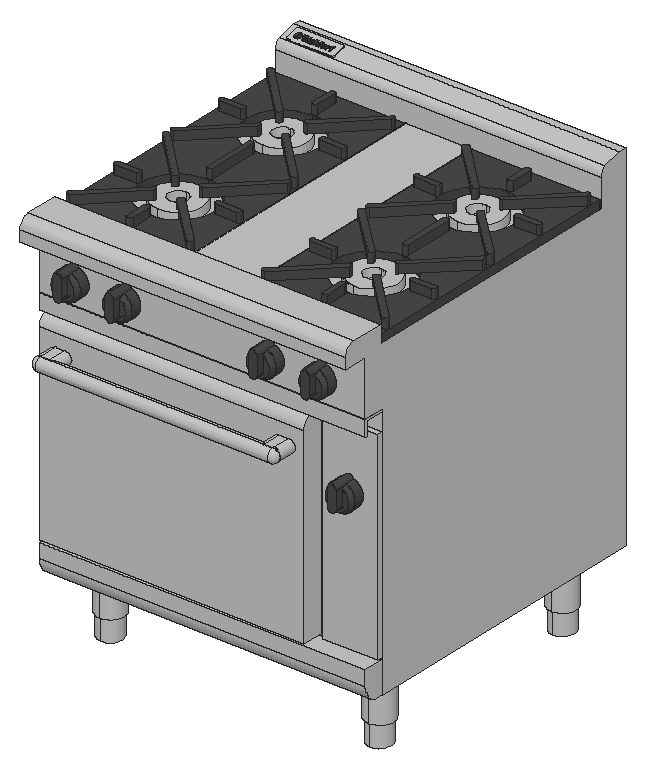
Revit family "QF_MOFFAT WALDORF_RNL8510GC", category Specialty Equipment, Revit 2012
Parameters
  Weight in Pounds = 399.0362
  Watts = 130 W
  Volts = 240 V
  URL Cutsheet = "www.moffat.com"
  URL = "www.moffat.com"
  Type Mark [instance] = ""
  Status [instance] = ""
  Specification by User [instance] = ""
  Specification by Manufacturer = ""
  Show Logo [instance] = yes
  Show Clearance [instance] = yes
  Show Casters [instance] = no
  Serial Number = ""
  Seismic Rating = ""
  SMACNA No = ""
  Revision Code [instance] = ""
  Phase = 1
  Omniclass Number and Title = ""
  Number of Poles [instance] = 1
  NAFEM Spec ID Number = ""
  Model = "RNL8510GC"
  Min Ckt Ampacity = 0 A
  Mechanical Remarks [instance] = ""
  Mechanical Connection Type [instance] = ""
  Max Overcurrent Protection = 0 A
  Masterspec = ""
  Manufacturer = "MOFFAT WALDORF"
  Legs [instance] = not(Show Casters)  # yes
  Item Number [instance] = ""
  Installed By [instance] = ""
  Identify Quantity as Lot [instance] = yes
  HP = ""
  Gas Size = 3/4"
  Gas RI Height [instance] = 0 mm
  Gas KW [instance] = 39.4
  Gas Input [instance] = 134590.0 Btu/h
  Gas Connection Height = 0 mm
  Furnished By [instance] = ""
  Foodservice Equipment Identifier [instance] = yes
  FL Amps = 0.6 A
  Electrical Remarks [instance] = ""
  Electric Connection Type [instance] = ""
  Elec Conn RI Height [instance] = 0 mm
  Elec Conn Connection Height [instance] = 0 mm
  Description = "RANGE LOW SPLASHBACK GAS WITH CONVECTION OVEN"
  Cycle = 50 Hz
  Conn Plug = ""
  Conn Conduit = yes
  CSI MasterFormat = ""
  CSI Master Format = ""
  Apparent Power = 0 VA
Reference planes
  plane 1 "BACK": y = 0
  plane 2: z = 0
  plane 3 "LEFT": x = 0
  plane 4 "RIGHT": x = 750
  plane 5 "FRONT": y = -805
  plane 6 "TOP": z = 970
  plane 7 "Center Y": x = 375
  plane 8 "Center X": y = -402.5
  plane 9: y = -100
  plane 10 "Base Height": z = 150
  plane 11: x = 65.8
  plane 12: x = 620
  plane 13: x = 685
  plane 14: x = 684.2
  plane 15: y = -500
  plane 16: x = 676
  plane 17: y = -625
  plane 18: z = 788
Forms (mm)
  Extrusion 1, solid, material "QF_Finishes_Stainless Steel"
    sketch origin (0, 0, 0) x (0, 1, 0) y (0, 0, 1)
      loop
        line (-805, 891) -> (-805, 866) -> (-749, 866) -> (-749, 740) -> (-699, 740) -> (-699, 150) -> (0, 150) -> (0, 970) -> (-16.5, 970) -> (-58.709, 958.69)
        arc (-58.709, 958.69) -> (-66.975, 950.425) -> (-70, 939.134) r 22.582
        line (-70, 939.134) -> (-70, 875) -> (-705, 875) -> (-705, 915) -> (-781, 915)
        arc (-781, 915) -> (-797.971, 907.971) -> (-805, 891) r 24
      loop
        line (-701, 222.5) -> (-749, 222.5) -> (-749, 188)
        arc (-749, 188) -> (-737.87, 161.13) -> (-711, 150) r 38
        line (-711, 150) -> (-701, 150) -> (-701, 222.5)
      loop
        line (-701, 227.5) -> (-701, 692.5) -> (-722.805, 692.5)
        arc (-722.805, 692.5) -> (-741.328, 684.828) -> (-749, 666.305) r 26.195
        line (-749, 666.305) -> (-749, 227.5) -> (-701, 227.5)
      loop
        line (-749, 738) -> (-749, 703) -> (-745.98, 703) -> (-745.98, 735) -> (-701, 735) -> (-701, 738) -> (-749, 738)
    from 0 to 750
  Extrusion 2, solid, material "QF_Finishes_Stainless Steel"
    sketch origin (555.062, 3, 100) x (1, 0, 0) y (0, 1, 0)
      loop
        circle (65, -35) r 13.5
    from 555 to 640
  Revolve 3, solid, material "QF_Finishes_Stainless Steel", visible <- "Legs"
    sketch origin (65, -165, 0) x (0, 1, 0) y (0, 0, 1)
      loop
        line (33.25, 150) -> (33.25, 50) -> (37.5, 50) -> (37.5, 0) -> (65, 0) -> (65, 150) -> (33.25, 150)
      axis (65, 150) -> (65, 0)
    angle from 0 to 360
  Extrusion 4, solid, material "QF_Finishes_Black"
    sketch origin (0, -70, 875) x (0, -1, 0) y (1, 0, 0)
      loop
        arc (1, 4) -> (1.879, 1.879) -> (4, 1) r 3
        line (4, 1) -> (631, 1)
        arc (631, 1) -> (633.121, 1.879) -> (634, 4) r 3
        line (634, 4) -> (634, 297)
        arc (634, 297) -> (633.121, 299.121) -> (631, 300) r 3
        line (631, 300) -> (4, 300)
        arc (4, 300) -> (1.879, 299.121) -> (1, 297) r 3
        line (1, 297) -> (1, 4)
      loop
        circle (167.5, 150) r 85
      loop
        circle (467.768, 150) r 85
    from 0 to 19.5
  Revolve 5, solid, material "QF_Finishes_Stainless Steel", visible <- "Legs"
    sketch origin (685, -165, 0) x (0, 1, 0) y (0, 0, -1)
      loop
        line (33.25, -150) -> (65, -150) -> (65, 0) -> (37.5, 0) -> (37.5, -50) -> (33.25, -50) -> (33.25, -150)
      axis (65, -150) -> (65, 0)
    angle from 0 to 360
  Extrusion 6, solid, material "QF_Finishes_Stainless Steel"
    sketch origin (0, -70, 875) x (0, -1, 0) y (1, 0, 0)
      loop
        line (634, 300) -> (634, 450) -> (0, 450) -> (0, 300) -> (634, 300)
    from 0 to 19.5
  Extrusion 7, void
    sketch origin (0, -749, 227.5) x (0, 0, -1) y (-1, 0, 0)
      loop
        line (-465, -609) -> (-465, -624) -> (0, -624) -> (0, -609) -> (-465, -609)
    from 0 to 50
  Extrusion 8, solid, material "QF_Finishes_Black"
    sketch origin (750, -70, 875) x (0, -1, 0) y (1, 0, 0)
      loop
        line (1, -4) -> (1, -297)
        arc (1, -297) -> (1.879, -299.121) -> (4, -300) r 3
        line (4, -300) -> (631, -300)
        arc (631, -300) -> (633.121, -299.121) -> (634, -297) r 3
        line (634, -297) -> (634, -4)
        arc (634, -4) -> (633.121, -1.879) -> (631, -1) r 3
        line (631, -1) -> (4, -1)
        arc (4, -1) -> (1.879, -1.879) -> (1, -4) r 3
      loop
        circle (167.5, -150) r 85
      loop
        circle (467.768, -150) r 85
    from 0 to 19.5
  Extrusion 9, solid, material "QF_Finishes_Stainless Steel"
    sketch origin (0, -711, 150) x (1, 0, 0) y (0, -1, 0)
      loop
        circle (676, -211) r 10
    from 0 to 3
  Revolve 10, solid, material "QF_Finishes_Stainless Steel"
    sketch origin (65, -736, 0) x (0, 1, 0) y (0, 0, 1)
      loop
        line (78.25, 150) -> (78.25, 50) -> (82.5, 50) -> (82.5, 0) -> (110, 0) -> (110, 150) -> (78.25, 150)
      axis (110, 150) -> (110, 0)
    angle from 0 to 360
  Revolve 11, solid, material "QF_Finishes_Stainless Steel"
    sketch origin (685, -736, 0) x (0, 1, 0) y (0, 0, -1)
      loop
        line (78.25, -150) -> (110, -150) -> (110, 0) -> (82.5, 0) -> (82.5, -50) -> (78.25, -50) -> (78.25, -150)
      axis (110, -150) -> (110, 0)
    angle from 0 to 360
  Revolve 12, solid, material "QF_Finishes_Black"
    sketch origin (207.5, 0, 759.645) x (0, -1, 0) y (0, 0, 1)
      loop
        line (782, 69.605) -> (759, 69.605) -> (759, 42.105) -> (749, 42.105) -> (749, 37.105) -> (793, 37.105) -> (793, 63.757) -> (782, 69.605)
      axis (793, 37.105) -> (749, 37.105)
    angle from 0 to 360
  Revolve 13, solid, material "QF_Finishes_Black"
    sketch origin (88.749, 0, 759.518) x (0, 1, 0) y (0, 0, -1)
      loop
        line (-782, -69.5) -> (-759, -69.5) -> (-759, -42) -> (-749, -42) -> (-749, -37) -> (-793, -37) -> (-793, -63.651) -> (-782, -69.5)
      axis (-793, -37) -> (-749, -37)
    angle from 0 to 360
  Extrusion 14, solid, material "QF_Finishes_Black"
    sketch origin (227.019, 0, 759.676) x (-1, 0, 0) y (0, 0, -1)
      loop
        arc (148.269, -24.969) -> (138.269, -14.969) -> (128.269, -24.969) r 10
        line (128.269, -24.969) -> (128.269, -63.969)
        arc (128.269, -63.969) -> (138.269, -73.969) -> (148.269, -63.969) r 10
        line (148.269, -63.969) -> (148.269, -24.969)
    from 759 to 808
  Extrusion 15, solid, material "QF_Finishes_Black"
    sketch origin (346.95, 0, 759.676) x (-1, 0, 0) y (0, 0, -1)
      loop
        arc (148.269, -24.969) -> (138.269, -14.969) -> (128.269, -24.969) r 10
        line (128.269, -24.969) -> (128.269, -63.969)
        arc (128.269, -63.969) -> (138.269, -73.969) -> (148.269, -63.969) r 10
        line (148.269, -63.969) -> (148.269, -24.969)
    from 759 to 808
  Revolve 16, solid, material "QF_Finishes_Black"
    sketch origin (538.75, 0, 759.645) x (0, -1, 0) y (0, 0, -1)
      loop
        line (782, -69.605) -> (793, -63.757) -> (793, -37.105) -> (749, -37.105) -> (749, -42.105) -> (759, -42.105) -> (759, -69.605) -> (782, -69.605)
      axis (793, -37.105) -> (749, -37.105)
    angle from 0 to 360
  Revolve 17, solid, material "QF_Finishes_Black"
    sketch origin (658.751, 0, 759.518) x (0, 1, 0) y (0, 0, 1)
      loop
        line (-782, 69.5) -> (-793, 63.651) -> (-793, 37) -> (-749, 37) -> (-749, 42) -> (-759, 42) -> (-759, 69.5) -> (-782, 69.5)
      axis (-793, 37) -> (-749, 37)
    angle from 0 to 360
  Extrusion 18, solid, material "QF_Finishes_Black"
    sketch origin (520.481, 0, 759.676) x (1, 0, 0) y (0, 0, 1)
      loop
        line (148.269, 24.969) -> (148.269, 63.969)
        arc (148.269, 63.969) -> (138.269, 73.969) -> (128.269, 63.969) r 10
        line (128.269, 63.969) -> (128.269, 24.969)
        arc (128.269, 24.969) -> (138.269, 14.969) -> (148.269, 24.969) r 10
    from 759 to 808
  Extrusion 19, solid, material "QF_Finishes_Black"
    sketch origin (400.481, 0, 759.676) x (1, 0, 0) y (0, 0, 1)
      loop
        line (148.269, 24.969) -> (148.269, 63.969)
        arc (148.269, 63.969) -> (138.269, 73.969) -> (128.269, 63.969) r 10
        line (128.269, 63.969) -> (128.269, 24.969)
        arc (128.269, 24.969) -> (138.269, 14.969) -> (148.269, 24.969) r 10
    from 759 to 808
  Revolve 20, solid, material "QF_Finishes_Black"
    sketch origin (686.727, 42.5, 356.562) x (0, 1, 0) y (0, 0, 1)
      loop
        line (-782, 229.5) -> (-793, 223.651) -> (-793, 197) -> (-749, 197) -> (-749, 202) -> (-759, 202) -> (-759, 229.5) -> (-782, 229.5)
      axis (-793, 197) -> (-749, 197)
    angle from 0 to 360
  Extrusion 21, solid, material "QF_Finishes_Black"
    sketch origin (548.458, 42.5, 356.72) x (1, 0, 0) y (0, 0, 1)
      loop
        line (148.269, 184.969) -> (148.269, 223.969)
        arc (148.269, 223.969) -> (138.269, 233.969) -> (128.269, 223.969) r 10
        line (128.269, 223.969) -> (128.269, 184.969)
        arc (128.269, 184.969) -> (138.269, 174.969) -> (148.269, 184.969) r 10
    from 759 to 808
  Extrusion 22, solid, material "QF_Door-Drawer Clearances", visible <- "Show Clearance", detail levels coarse
    sketch origin (0, 0, 0) x (0, -1, 0) y (0, 0, 1)
      loop
        line (749, 690.016) -> (749, 227.5) -> (1211.516, 227.5)
        arc (1211.516, 227.5) -> (1076.048, 554.548) -> (749, 690.016) r 462.516
    from 0 to -609
  Extrusion 23, solid, material "QF_Finishes_Black"
    sketch origin (0, -70, 0) x (0, -1, 0) y (1, 0, 0)
      loop
        spline (323.602, 15.153) -> (322.681, 13.924) -> (322.131, 12.47) -> (321.99, 10.89) -> (322.267, 9.292) -> (322.943, 7.786) -> (323.973, 6.473) -> (325.286, 5.443) -> (326.792, 4.767) -> (328.39, 4.49) -> (329.97, 4.631) -> (331.424, 5.181) -> (332.653, 6.102)
        line (332.653, 6.102) -> (440.576, 114.025)
        spline (440.576, 114.025) -> (441.337, 115.095) -> (441.738, 116.399) -> (441.751, 117.851) -> (441.375, 119.35) -> (440.637, 120.795) -> (439.586, 122.086) -> (438.295, 123.137) -> (436.85, 123.875) -> (435.351, 124.251) -> (433.899, 124.238) -> (432.595, 123.837) -> (431.525, 123.076)
        line (431.525, 123.076) -> (323.602, 15.153)
      loop
        line (611.398, 15.153) -> (503.475, 123.076)
        spline (503.475, 123.076) -> (502.405, 123.837) -> (501.101, 124.238) -> (499.649, 124.251) -> (498.15, 123.875) -> (496.705, 123.137) -> (495.414, 122.086) -> (494.363, 120.795) -> (493.625, 119.35) -> (493.249, 117.851) -> (493.262, 116.399) -> (493.663, 115.095) -> (494.424, 114.025)
        line (494.424, 114.025) -> (602.347, 6.102)
        spline (602.347, 6.102) -> (603.416, 5.341) -> (604.721, 4.941) -> (606.172, 4.928) -> (607.671, 5.303) -> (609.116, 6.041) -> (610.408, 7.092) -> (611.459, 8.384) -> (612.197, 9.829) -> (612.572, 11.328) -> (612.559, 12.779) -> (612.159, 14.084) -> (611.398, 15.153)
      loop
        spline (375.602, 143.6) -> (376.896, 143.818) -> (378.102, 144.457) -> (379.138, 145.475) -> (379.932, 146.8) -> (380.432, 148.344) -> (380.602, 150) -> (380.432, 151.656) -> (379.932, 153.2) -> (379.138, 154.525) -> (378.102, 155.543) -> (376.896, 156.182) -> (375.602, 156.4)
        line (375.602, 156.4) -> (259.398, 156.4)
        spline (259.398, 156.4) -> (258.104, 156.182) -> (256.898, 155.543) -> (255.862, 154.525) -> (255.068, 153.2) -> (254.568, 151.656) -> (254.398, 150) -> (254.568, 148.344) -> (255.068, 146.8) -> (255.862, 145.475) -> (256.898, 144.457) -> (258.104, 143.818) -> (259.398, 143.6)
        line (259.398, 143.6) -> (375.602, 143.6)
      loop
        spline (23.602, 15.153) -> (22.681, 13.924) -> (22.131, 12.47) -> (21.99, 10.89) -> (22.267, 9.292) -> (22.943, 7.786) -> (23.973, 6.473) -> (25.286, 5.443) -> (26.792, 4.767) -> (28.39, 4.49) -> (29.97, 4.631) -> (31.424, 5.181) -> (32.653, 6.102)
        line (32.653, 6.102) -> (140.576, 114.025)
        spline (140.576, 114.025) -> (141.337, 115.095) -> (141.738, 116.399) -> (141.751, 117.851) -> (141.375, 119.35) -> (140.637, 120.795) -> (139.586, 122.086) -> (138.295, 123.137) -> (136.85, 123.875) -> (135.351, 124.251) -> (133.899, 124.238) -> (132.595, 123.837) -> (131.525, 123.076)
        line (131.525, 123.076) -> (23.602, 15.153)
      loop
        line (311.398, 15.153) -> (203.475, 123.076)
        spline (203.475, 123.076) -> (202.405, 123.837) -> (201.101, 124.238) -> (199.649, 124.251) -> (198.15, 123.875) -> (196.705, 123.137) -> (195.414, 122.086) -> (194.363, 120.795) -> (193.625, 119.35) -> (193.249, 117.851) -> (193.262, 116.399) -> (193.663, 115.095) -> (194.424, 114.025)
        line (194.424, 114.025) -> (302.347, 6.102)
        spline (302.347, 6.102) -> (303.416, 5.341) -> (304.721, 4.941) -> (306.172, 4.928) -> (307.671, 5.303) -> (309.116, 6.041) -> (310.408, 7.092) -> (311.459, 8.384) -> (312.197, 9.829) -> (312.572, 11.328) -> (312.559, 12.779) -> (312.159, 14.084) -> (311.398, 15.153)
      loop
        line (323.602, 284.847) -> (431.525, 176.924)
        spline (431.525, 176.924) -> (432.595, 176.163) -> (433.899, 175.762) -> (435.351, 175.749) -> (436.85, 176.125) -> (438.295, 176.863) -> (439.586, 177.914) -> (440.637, 179.205) -> (441.375, 180.65) -> (441.751, 182.149) -> (441.738, 183.601) -> (441.337, 184.905) -> (440.576, 185.975)
        line (440.576, 185.975) -> (332.653, 293.898)
        spline (332.653, 293.898) -> (331.424, 294.819) -> (329.97, 295.369) -> (328.39, 295.51) -> (326.792, 295.233) -> (325.286, 294.557) -> (323.973, 293.527) -> (322.943, 292.214) -> (322.267, 290.708) -> (321.99, 289.11) -> (322.131, 287.53) -> (322.681, 286.076) -> (323.602, 284.847)
      loop
        spline (611.398, 284.847) -> (612.159, 285.916) -> (612.559, 287.221) -> (612.572, 288.672) -> (612.197, 290.171) -> (611.459, 291.616) -> (610.408, 292.908) -> (609.116, 293.959) -> (607.671, 294.697) -> (606.172, 295.072) -> (604.721, 295.059) -> (603.416, 294.659) -> (602.347, 293.898)
        line (602.347, 293.898) -> (494.424, 185.975)
        spline (494.424, 185.975) -> (493.663, 184.905) -> (493.262, 183.601) -> (493.249, 182.149) -> (493.625, 180.65) -> (494.363, 179.205) -> (495.414, 177.914) -> (496.705, 176.863) -> (498.15, 176.125) -> (499.649, 175.749) -> (501.101, 175.762) -> (502.405, 176.163) -> (503.475, 176.924)
        line (503.475, 176.924) -> (611.398, 284.847)
      loop
        line (23.602, 284.847) -> (131.525, 176.924)
        spline (131.525, 176.924) -> (132.595, 176.163) -> (133.899, 175.762) -> (135.351, 175.749) -> (136.85, 176.125) -> (138.295, 176.863) -> (139.586, 177.914) -> (140.637, 179.205) -> (141.375, 180.65) -> (141.751, 182.149) -> (141.738, 183.601) -> (141.337, 184.905) -> (140.576, 185.975)
        line (140.576, 185.975) -> (32.653, 293.898)
        spline (32.653, 293.898) -> (31.424, 294.819) -> (29.97, 295.369) -> (28.39, 295.51) -> (26.792, 295.233) -> (25.286, 294.557) -> (23.973, 293.527) -> (22.943, 292.214) -> (22.267, 290.708) -> (21.99, 289.11) -> (22.131, 287.53) -> (22.681, 286.076) -> (23.602, 284.847)
      loop
        spline (311.398, 284.847) -> (312.159, 285.916) -> (312.559, 287.221) -> (312.572, 288.672) -> (312.197, 290.171) -> (311.459, 291.616) -> (310.408, 292.908) -> (309.116, 293.959) -> (307.671, 294.697) -> (306.172, 295.072) -> (304.721, 295.059) -> (303.416, 294.659) -> (302.347, 293.898)
        line (302.347, 293.898) -> (194.424, 185.975)
        spline (194.424, 185.975) -> (193.663, 184.905) -> (193.262, 183.601) -> (193.249, 182.149) -> (193.625, 180.65) -> (194.363, 179.205) -> (195.414, 177.914) -> (196.705, 176.863) -> (198.15, 176.125) -> (199.649, 175.749) -> (201.101, 175.762) -> (202.405, 176.163) -> (203.475, 176.924)
        line (203.475, 176.924) -> (311.398, 284.847)
      loop
        spline (73.711, 143.6) -> (75.005, 143.818) -> (76.211, 144.457) -> (77.247, 145.475) -> (78.041, 146.8) -> (78.541, 148.344) -> (78.711, 150) -> (78.541, 151.656) -> (78.041, 153.2) -> (77.247, 154.525) -> (76.211, 155.543) -> (75.005, 156.182) -> (73.711, 156.4)
        line (73.711, 156.4) -> (24.33, 156.4)
        spline (24.33, 156.4) -> (23.036, 156.182) -> (21.83, 155.543) -> (20.795, 154.525) -> (20, 153.2) -> (19.501, 151.656) -> (19.33, 150) -> (19.501, 148.344) -> (20, 146.8) -> (20.795, 145.475) -> (21.83, 144.457) -> (23.036, 143.818) -> (24.33, 143.6)
        line (24.33, 143.6) -> (73.711, 143.6)
      loop
        spline (607.262, 143.6) -> (608.556, 143.818) -> (609.762, 144.457) -> (610.798, 145.475) -> (611.592, 146.8) -> (612.092, 148.344) -> (612.262, 150) -> (612.092, 151.656) -> (611.592, 153.2) -> (610.798, 154.525) -> (609.762, 155.543) -> (608.556, 156.182) -> (607.262, 156.4)
        line (607.262, 156.4) -> (557.881, 156.4)
        spline (557.881, 156.4) -> (556.587, 156.182) -> (555.381, 155.543) -> (554.345, 154.525) -> (553.551, 153.2) -> (553.051, 151.656) -> (552.881, 150) -> (553.051, 148.344) -> (553.551, 146.8) -> (554.345, 145.475) -> (555.381, 144.457) -> (556.587, 143.818) -> (557.881, 143.6)
        line (557.881, 143.6) -> (607.262, 143.6)
      loop
        spline (474.034, 59.26) -> (473.816, 60.554) -> (473.177, 61.76) -> (472.159, 62.796) -> (470.834, 63.59) -> (469.29, 64.09) -> (467.634, 64.26) -> (465.978, 64.09) -> (464.434, 63.59) -> (463.108, 62.796) -> (462.091, 61.76) -> (461.452, 60.554) -> (461.234, 59.26)
        line (461.234, 59.26) -> (461.234, 9.879)
        spline (461.234, 9.879) -> (461.452, 8.585) -> (462.091, 7.379) -> (463.108, 6.343) -> (464.434, 5.549) -> (465.978, 5.049) -> (467.634, 4.879) -> (469.29, 5.049) -> (470.834, 5.549) -> (472.159, 6.343) -> (473.177, 7.379) -> (473.816, 8.585) -> (474.034, 9.879)
        line (474.034, 9.879) -> (474.034, 59.26)
      loop
        spline (173.766, 59.26) -> (173.548, 60.554) -> (172.909, 61.76) -> (171.892, 62.796) -> (170.566, 63.59) -> (169.022, 64.09) -> (167.366, 64.26) -> (165.71, 64.09) -> (164.166, 63.59) -> (162.841, 62.796) -> (161.823, 61.76) -> (161.184, 60.554) -> (160.966, 59.26)
        line (160.966, 59.26) -> (160.966, 9.879)
        spline (160.966, 9.879) -> (161.184, 8.585) -> (161.823, 7.379) -> (162.841, 6.343) -> (164.166, 5.549) -> (165.71, 5.049) -> (167.366, 4.879) -> (169.022, 5.049) -> (170.566, 5.549) -> (171.892, 6.343) -> (172.909, 7.379) -> (173.548, 8.585) -> (173.766, 9.879)
        line (173.766, 9.879) -> (173.766, 59.26)
      loop
        spline (474.034, 290.74) -> (473.816, 292.034) -> (473.177, 293.24) -> (472.159, 294.276) -> (470.834, 295.07) -> (469.29, 295.57) -> (467.634, 295.74) -> (465.978, 295.57) -> (464.434, 295.07) -> (463.108, 294.276) -> (462.091, 293.24) -> (461.452, 292.034) -> (461.234, 290.74)
        line (461.234, 290.74) -> (461.234, 241.359)
        spline (461.234, 241.359) -> (461.452, 240.065) -> (462.091, 238.859) -> (463.108, 237.823) -> (464.434, 237.029) -> (465.978, 236.529) -> (467.634, 236.359) -> (469.29, 236.529) -> (470.834, 237.029) -> (472.159, 237.823) -> (473.177, 238.859) -> (473.816, 240.065) -> (474.034, 241.359)
        line (474.034, 241.359) -> (474.034, 290.74)
      loop
        spline (173.766, 290.74) -> (173.548, 292.034) -> (172.909, 293.24) -> (171.892, 294.276) -> (170.566, 295.07) -> (169.022, 295.57) -> (167.366, 295.74) -> (165.71, 295.57) -> (164.166, 295.07) -> (162.841, 294.276) -> (161.823, 293.24) -> (161.184, 292.034) -> (160.966, 290.74)
        line (160.966, 290.74) -> (160.966, 241.359)
        spline (160.966, 241.359) -> (161.184, 240.065) -> (161.823, 238.859) -> (162.841, 237.823) -> (164.166, 237.029) -> (165.71, 236.529) -> (167.366, 236.359) -> (169.022, 236.529) -> (170.566, 237.029) -> (171.892, 237.823) -> (172.909, 238.859) -> (173.548, 240.065) -> (173.766, 241.359)
        line (173.766, 241.359) -> (173.766, 290.74)
      loop
        line (323.602, 734.847) -> (431.525, 626.924)
        spline (431.525, 626.924) -> (432.595, 626.163) -> (433.899, 625.762) -> (435.351, 625.749) -> (436.85, 626.125) -> (438.295, 626.863) -> (439.586, 627.914) -> (440.637, 629.205) -> (441.375, 630.65) -> (441.751, 632.149) -> (441.738, 633.601) -> (441.337, 634.905) -> (440.576, 635.975)
        line (440.576, 635.975) -> (332.653, 743.898)
        spline (332.653, 743.898) -> (331.424, 744.819) -> (329.97, 745.369) -> (328.39, 745.51) -> (326.792, 745.233) -> (325.286, 744.557) -> (323.973, 743.527) -> (322.943, 742.214) -> (322.267, 740.708) -> (321.99, 739.11) -> (322.131, 737.53) -> (322.681, 736.076) -> (323.602, 734.847)
      loop
        spline (611.398, 734.847) -> (612.159, 735.916) -> (612.559, 737.221) -> (612.572, 738.672) -> (612.197, 740.171) -> (611.459, 741.616) -> (610.408, 742.908) -> (609.116, 743.959) -> (607.671, 744.697) -> (606.172, 745.072) -> (604.721, 745.059) -> (603.416, 744.659) -> (602.347, 743.898)
        line (602.347, 743.898) -> (494.424, 635.975)
        spline (494.424, 635.975) -> (493.663, 634.905) -> (493.262, 633.601) -> (493.249, 632.149) -> (493.625, 630.65) -> (494.363, 629.205) -> (495.414, 627.914) -> (496.705, 626.863) -> (498.15, 626.125) -> (499.649, 625.749) -> (501.101, 625.762) -> (502.405, 626.163) -> (503.475, 626.924)
        line (503.475, 626.924) -> (611.398, 734.847)
      loop
        line (375.602, 606.4) -> (259.398, 606.4)
        spline (259.398, 606.4) -> (258.104, 606.182) -> (256.898, 605.543) -> (255.862, 604.525) -> (255.068, 603.2) -> (254.568, 601.656) -> (254.398, 600) -> (254.568, 598.344) -> (255.068, 596.8) -> (255.862, 595.475) -> (256.898, 594.457) -> (258.104, 593.818) -> (259.398, 593.6)
        line (259.398, 593.6) -> (375.602, 593.6)
        spline (375.602, 593.6) -> (376.896, 593.818) -> (378.102, 594.457) -> (379.138, 595.475) -> (379.932, 596.8) -> (380.432, 598.344) -> (380.602, 600) -> (380.432, 601.656) -> (379.932, 603.2) -> (379.138, 604.525) -> (378.102, 605.543) -> (376.896, 606.182) -> (375.602, 606.4)
      loop
        line (23.602, 734.847) -> (131.525, 626.924)
        spline (131.525, 626.924) -> (132.595, 626.163) -> (133.899, 625.762) -> (135.351, 625.749) -> (136.85, 626.125) -> (138.295, 626.863) -> (139.586, 627.914) -> (140.637, 629.205) -> (141.375, 630.65) -> (141.751, 632.149) -> (141.738, 633.601) -> (141.337, 634.905) -> (140.576, 635.975)
        line (140.576, 635.975) -> (32.653, 743.898)
        spline (32.653, 743.898) -> (31.424, 744.819) -> (29.97, 745.369) -> (28.39, 745.51) -> (26.792, 745.233) -> (25.286, 744.557) -> (23.973, 743.527) -> (22.943, 742.214) -> (22.267, 740.708) -> (21.99, 739.11) -> (22.131, 737.53) -> (22.681, 736.076) -> (23.602, 734.847)
      loop
        spline (311.398, 734.847) -> (312.159, 735.916) -> (312.559, 737.221) -> (312.572, 738.672) -> (312.197, 740.171) -> (311.459, 741.616) -> (310.408, 742.908) -> (309.116, 743.959) -> (307.671, 744.697) -> (306.172, 745.072) -> (304.721, 745.059) -> (303.416, 744.659) -> (302.347, 743.898)
        line (302.347, 743.898) -> (194.424, 635.975)
        spline (194.424, 635.975) -> (193.663, 634.905) -> (193.262, 633.601) -> (193.249, 632.149) -> (193.625, 630.65) -> (194.363, 629.205) -> (195.414, 627.914) -> (196.705, 626.863) -> (198.15, 626.125) -> (199.649, 625.749) -> (201.101, 625.762) -> (202.405, 626.163) -> (203.475, 626.924)
        line (203.475, 626.924) -> (311.398, 734.847)
      loop
        spline (323.602, 465.153) -> (322.681, 463.924) -> (322.131, 462.47) -> (321.99, 460.89) -> (322.267, 459.292) -> (322.943, 457.786) -> (323.973, 456.473) -> (325.286, 455.443) -> (326.792, 454.767) -> (328.39, 454.49) -> (329.97, 454.631) -> (331.424, 455.181) -> (332.653, 456.102)
        line (332.653, 456.102) -> (440.576, 564.025)
        spline (440.576, 564.025) -> (441.337, 565.095) -> (441.738, 566.399) -> (441.751, 567.851) -> (441.375, 569.35) -> (440.637, 570.795) -> (439.586, 572.086) -> (438.295, 573.137) -> (436.85, 573.875) -> (435.351, 574.251) -> (433.899, 574.238) -> (432.595, 573.837) -> (431.525, 573.076)
        line (431.525, 573.076) -> (323.602, 465.153)
      loop
        line (611.398, 465.153) -> (503.475, 573.076)
        spline (503.475, 573.076) -> (502.405, 573.837) -> (501.101, 574.238) -> (499.649, 574.251) -> (498.15, 573.875) -> (496.705, 573.137) -> (495.414, 572.086) -> (494.363, 570.795) -> (493.625, 569.35) -> (493.249, 567.851) -> (493.262, 566.399) -> (493.663, 565.095) -> (494.424, 564.025)
        line (494.424, 564.025) -> (602.347, 456.102)
        spline (602.347, 456.102) -> (603.416, 455.341) -> (604.721, 454.941) -> (606.172, 454.928) -> (607.671, 455.303) -> (609.116, 456.041) -> (610.408, 457.092) -> (611.459, 458.384) -> (612.197, 459.829) -> (612.572, 461.328) -> (612.559, 462.779) -> (612.159, 464.084) -> (611.398, 465.153)
      loop
        spline (23.602, 465.153) -> (22.681, 463.924) -> (22.131, 462.47) -> (21.99, 460.89) -> (22.267, 459.292) -> (22.943, 457.786) -> (23.973, 456.473) -> (25.286, 455.443) -> (26.792, 454.767) -> (28.39, 454.49) -> (29.97, 454.631) -> (31.424, 455.181) -> (32.653, 456.102)
        line (32.653, 456.102) -> (140.576, 564.025)
        spline (140.576, 564.025) -> (141.337, 565.095) -> (141.738, 566.399) -> (141.751, 567.851) -> (141.375, 569.35) -> (140.637, 570.795) -> (139.586, 572.086) -> (138.295, 573.137) -> (136.85, 573.875) -> (135.351, 574.251) -> (133.899, 574.238) -> (132.595, 573.837) -> (131.525, 573.076)
        line (131.525, 573.076) -> (23.602, 465.153)
      loop
        line (311.398, 465.153) -> (203.475, 573.076)
        spline (203.475, 573.076) -> (202.405, 573.837) -> (201.101, 574.238) -> (199.649, 574.251) -> (198.15, 573.875) -> (196.705, 573.137) -> (195.414, 572.086) -> (194.363, 570.795) -> (193.625, 569.35) -> (193.249, 567.851) -> (193.262, 566.399) -> (193.663, 565.095) -> (194.424, 564.025)
        line (194.424, 564.025) -> (302.347, 456.102)
        spline (302.347, 456.102) -> (303.416, 455.341) -> (304.721, 454.941) -> (306.172, 454.928) -> (307.671, 455.303) -> (309.116, 456.041) -> (310.408, 457.092) -> (311.459, 458.384) -> (312.197, 459.829) -> (312.572, 461.328) -> (312.559, 462.779) -> (312.159, 464.084) -> (311.398, 465.153)
      loop
        line (73.711, 606.4) -> (24.33, 606.4)
        spline (24.33, 606.4) -> (23.036, 606.182) -> (21.83, 605.543) -> (20.795, 604.525) -> (20, 603.2) -> (19.501, 601.656) -> (19.33, 600) -> (19.501, 598.344) -> (20, 596.8) -> (20.795, 595.475) -> (21.83, 594.457) -> (23.036, 593.818) -> (24.33, 593.6)
        line (24.33, 593.6) -> (73.711, 593.6)
        spline (73.711, 593.6) -> (75.005, 593.818) -> (76.211, 594.457) -> (77.247, 595.475) -> (78.041, 596.8) -> (78.541, 598.344) -> (78.711, 600) -> (78.541, 601.656) -> (78.041, 603.2) -> (77.247, 604.525) -> (76.211, 605.543) -> (75.005, 606.182) -> (73.711, 606.4)
      loop
        line (607.262, 606.4) -> (557.881, 606.4)
        spline (557.881, 606.4) -> (556.587, 606.182) -> (555.381, 605.543) -> (554.345, 604.525) -> (553.551, 603.2) -> (553.051, 601.656) -> (552.881, 600) -> (553.051, 598.344) -> (553.551, 596.8) -> (554.345, 595.475) -> (555.381, 594.457) -> (556.587, 593.818) -> (557.881, 593.6)
        line (557.881, 593.6) -> (607.262, 593.6)
        spline (607.262, 593.6) -> (608.556, 593.818) -> (609.762, 594.457) -> (610.798, 595.475) -> (611.592, 596.8) -> (612.092, 598.344) -> (612.262, 600) -> (612.092, 601.656) -> (611.592, 603.2) -> (610.798, 604.525) -> (609.762, 605.543) -> (608.556, 606.182) -> (607.262, 606.4)
      loop
        line (474.034, 690.74) -> (474.034, 740.121)
        spline (474.034, 740.121) -> (473.816, 741.415) -> (473.177, 742.621) -> (472.159, 743.657) -> (470.834, 744.451) -> (469.29, 744.951) -> (467.634, 745.121) -> (465.978, 744.951) -> (464.434, 744.451) -> (463.108, 743.657) -> (462.091, 742.621) -> (461.452, 741.415) -> (461.234, 740.121)
        line (461.234, 740.121) -> (461.234, 690.74)
        spline (461.234, 690.74) -> (461.452, 689.446) -> (462.091, 688.24) -> (463.108, 687.204) -> (464.434, 686.41) -> (465.978, 685.91) -> (467.634, 685.74) -> (469.29, 685.91) -> (470.834, 686.41) -> (472.159, 687.204) -> (473.177, 688.24) -> (473.816, 689.446) -> (474.034, 690.74)
      loop
        line (173.766, 690.74) -> (173.766, 740.121)
        spline (173.766, 740.121) -> (173.548, 741.415) -> (172.909, 742.621) -> (171.892, 743.657) -> (170.566, 744.451) -> (169.022, 744.951) -> (167.366, 745.121) -> (165.71, 744.951) -> (164.166, 744.451) -> (162.841, 743.657) -> (161.823, 742.621) -> (161.184, 741.415) -> (160.966, 740.121)
        line (160.966, 740.121) -> (160.966, 690.74)
        spline (160.966, 690.74) -> (161.184, 689.446) -> (161.823, 688.24) -> (162.841, 687.204) -> (164.166, 686.41) -> (165.71, 685.91) -> (167.366, 685.74) -> (169.022, 685.91) -> (170.566, 686.41) -> (171.892, 687.204) -> (172.909, 688.24) -> (173.548, 689.446) -> (173.766, 690.74)
      loop
        line (474.034, 459.26) -> (474.034, 508.641)
        spline (474.034, 508.641) -> (473.816, 509.935) -> (473.177, 511.141) -> (472.159, 512.177) -> (470.834, 512.971) -> (469.29, 513.471) -> (467.634, 513.641) -> (465.978, 513.471) -> (464.434, 512.971) -> (463.108, 512.177) -> (462.091, 511.141) -> (461.452, 509.935) -> (461.234, 508.641)
        line (461.234, 508.641) -> (461.234, 459.26)
        spline (461.234, 459.26) -> (461.452, 457.966) -> (462.091, 456.76) -> (463.108, 455.724) -> (464.434, 454.93) -> (465.978, 454.43) -> (467.634, 454.26) -> (469.29, 454.43) -> (470.834, 454.93) -> (472.159, 455.724) -> (473.177, 456.76) -> (473.816, 457.966) -> (474.034, 459.26)
      loop
        line (173.766, 459.26) -> (173.766, 508.641)
        spline (173.766, 508.641) -> (173.548, 509.935) -> (172.909, 511.141) -> (171.892, 512.177) -> (170.566, 512.971) -> (169.022, 513.471) -> (167.366, 513.641) -> (165.71, 513.471) -> (164.166, 512.971) -> (162.841, 512.177) -> (161.823, 511.141) -> (161.184, 509.935) -> (160.966, 508.641)
        line (160.966, 508.641) -> (160.966, 459.26)
        spline (160.966, 459.26) -> (161.184, 457.966) -> (161.823, 456.76) -> (162.841, 455.724) -> (164.166, 454.93) -> (165.71, 454.43) -> (167.366, 454.26) -> (169.022, 454.43) -> (170.566, 454.93) -> (171.892, 455.724) -> (172.909, 456.76) -> (173.548, 457.966) -> (173.766, 459.26)
    from 894.5 to 915
  Extrusion 24, void
    sketch origin (0, 0, 150) x (-1, 0, 0) y (0, -1, 0)
      loop
        line (-681, 87.26) -> (-681, -30.24) -> (-551.5, -30.24) -> (-551.5, 38.76) -> (-600, 87.26) -> (-681, 87.26)
    from 72.5 to 590
  Extrusion 25, solid, material "QF_Finishes_Stainless Steel"
    sketch origin (0, -70, 875) x (0, -1, 0) y (1, 0, 0)
      loop
        circle (467.5, 600) r 57
      loop
        circle (167.5, 600) r 57
      loop
        circle (467.5, 150) r 57
      loop
        circle (167.5, 150) r 57
      loop
        circle (167.5, 150) r 22
      loop
        circle (467.5, 150) r 22
      loop
        circle (167.5, 600) r 22
      loop
        circle (467.5, 600) r 22
    from 0 to 19.5
  Extrusion 26, void
    sketch origin (75, -749, 227.5) x (0, 0, -1) y (-1, 0, 0)
      loop
        line (-465, -549) -> (-465, -709) -> (0, -709) -> (0, -549) -> (-465, -549)
    from 0 to 35
  Extrusion 27, solid, material "QF_Finishes_Stainless Steel"
    sketch origin (0, -749, 227.5) x (0, 0, 1) y (-1, 0, 0)
      loop
        line (380.625, -38.246) -> (380.625, -58.528)
        arc (380.625, -58.528) -> (395.625, -73.528) -> (410.625, -58.528) r 15
        line (410.625, -58.528) -> (410.625, -38.246)
        arc (410.625, -38.246) -> (395.625, -23.246) -> (380.625, -38.246) r 15
      loop
        arc (380.625, -573.039) -> (395.625, -588.039) -> (410.625, -573.039) r 15
        line (410.625, -573.039) -> (410.625, -552.757)
        arc (410.625, -552.757) -> (395.625, -537.757) -> (380.625, -552.757) r 15
        line (380.625, -552.757) -> (380.625, -573.039)
    from 0 to 44
  Revolve 28, solid, material "QF_Finishes_Stainless Steel"
    sketch origin (0, -793, 0) x (1, 0, 0) y (0, 0, 1)
      loop
        arc (588.039, 623.125) -> (583.646, 633.732) -> (573.039, 638.125) r 15
        line (573.039, 638.125) -> (38.246, 638.125)
        arc (38.246, 638.125) -> (27.64, 633.732) -> (23.246, 623.125) r 15
        line (23.246, 623.125) -> (588.039, 623.125)
      axis (588.039, 623.125) -> (23.246, 623.125)
    angle from 0 to 360
Cuts and joins
  Extrusion 7, Extrusion 24, Extrusion 26 cuts Extrusion 1
Lines and regions (mm)
  Split face 1
    outline origin (22.5, -20.122, 969.029) x (0, -0.965926, -0.258819) y (1, 0, 0)
      loop
        line (1.427, 105.5) -> (30.795, 105.5) -> (30.795, 125.5) -> (1.427, 125.5) -> (1.427, 105.5)
  Split face 2
    outline origin (49.289, -20.122, 969.029) x (0, -0.965926, -0.258819) y (1, 0, 0)
      loop
        line (1.427, 105.5) -> (30.795, 105.5) -> (30.795, 125.5) -> (1.427, 125.5) -> (1.427, 105.5)
  Split face 3
    outline origin (76.967, -20.122, 969.029) x (0, -0.965926, -0.258819) y (1, 0, 0)
      loop
        line (1.427, 105.5) -> (30.795, 105.5) -> (30.795, 125.5) -> (1.427, 125.5) -> (1.427, 105.5)
  Split face 4
    outline origin (103.591, -20.122, 969.029) x (0, -0.965926, -0.258819) y (1, 0, 0)
      loop
        line (1.427, 105.5) -> (30.795, 105.5) -> (30.795, 125.5) -> (1.427, 125.5) -> (1.427, 105.5)
  Split face 5
    outline origin (130.215, -20.122, 969.029) x (0, -0.965926, -0.258819) y (1, 0, 0)
      loop
        line (1.427, 105.5) -> (30.795, 105.5) -> (30.795, 125.5) -> (1.427, 125.5) -> (1.427, 105.5)
  Split face 6
    outline origin (157.366, -20.122, 969.029) x (0, -0.965926, -0.258819) y (1, 0, 0)
      loop
        line (1.427, 105.5) -> (30.795, 105.5) -> (30.795, 125.5) -> (1.427, 125.5) -> (1.427, 105.5)
  Split face 7
    outline origin (184.781, -20.122, 969.029) x (0, -0.965926, -0.258819) y (1, 0, 0)
      loop
        line (1.427, 105.5) -> (30.795, 105.5) -> (30.795, 125.5) -> (1.427, 125.5) -> (1.427, 105.5)
  Split face 8
    outline origin (212.196, -20.122, 969.029) x (0, -0.965926, -0.258819) y (1, 0, 0)
      loop
        line (1.427, 105.5) -> (30.795, 105.5) -> (30.795, 125.5) -> (1.427, 125.5) -> (1.427, 105.5)
  Split face 9
    outline origin (239.61, -20.122, 969.029) x (0, -0.965926, -0.258819) y (1, 0, 0)
      loop
        line (1.427, 105.5) -> (30.795, 105.5) -> (30.795, 125.5) -> (1.427, 125.5) -> (1.427, 105.5)
  Split face 10
    outline origin (267.025, -20.122, 969.029) x (0, -0.965926, -0.258819) y (1, 0, 0)
      loop
        line (1.427, 105.5) -> (30.795, 105.5) -> (30.795, 125.5) -> (1.427, 125.5) -> (1.427, 105.5)
  Split face 11
    outline origin (294.44, -20.122, 969.029) x (0, -0.965926, -0.258819) y (1, 0, 0)
      loop
        line (1.427, 105.5) -> (30.795, 105.5) -> (30.795, 125.5) -> (1.427, 125.5) -> (1.427, 105.5)
  Split face 12
    outline origin (321.855, -20.122, 969.029) x (0, -0.965926, -0.258819) y (1, 0, 0)
      loop
        line (1.427, 105.5) -> (30.795, 105.5) -> (30.795, 125.5) -> (1.427, 125.5) -> (1.427, 105.5)
  Split face 13
    outline origin (349.27, -20.122, 969.029) x (0, -0.965926, -0.258819) y (1, 0, 0)
      loop
        line (1.427, 105.5) -> (30.795, 105.5) -> (30.795, 125.5) -> (1.427, 125.5) -> (1.427, 105.5)
  Split face 14
    outline origin (376.684, -20.122, 969.029) x (0, -0.965926, -0.258819) y (1, 0, 0)
      loop
        line (1.427, 105.5) -> (30.795, 105.5) -> (30.795, 125.5) -> (1.427, 125.5) -> (1.427, 105.5)
  Split face 15
    outline origin (404.099, -20.122, 969.029) x (0, -0.965926, -0.258819) y (1, 0, 0)
      loop
        line (1.427, 105.5) -> (30.795, 105.5) -> (30.795, 125.5) -> (1.427, 125.5) -> (1.427, 105.5)
  Split face 16
    outline origin (431.514, -20.122, 969.029) x (0, -0.965926, -0.258819) y (1, 0, 0)
      loop
        line (1.427, 105.5) -> (30.795, 105.5) -> (30.795, 125.5) -> (1.427, 125.5) -> (1.427, 105.5)
  Split face 17
    outline origin (458.929, -20.122, 969.029) x (0, -0.965926, -0.258819) y (1, 0, 0)
      loop
        line (1.427, 105.5) -> (30.795, 105.5) -> (30.795, 125.5) -> (1.427, 125.5) -> (1.427, 105.5)
  Split face 18
    outline origin (486.343, -20.122, 969.029) x (0, -0.965926, -0.258819) y (1, 0, 0)
      loop
        line (1.427, 105.5) -> (30.795, 105.5) -> (30.795, 125.5) -> (1.427, 125.5) -> (1.427, 105.5)
  Split face 19
    outline origin (0, -70, 894.5) x (0, -1, 0) y (1, 0, 0)
      loop
        circle (45.037, 327.576) r 8
  Split face 20
    outline origin (47.424, -70, 894.5) x (0, -1, 0) y (1, 0, 0)
      loop
        circle (45.037, 327.576) r 8
  Split face 21
    outline origin (750, -70, 894.5) x (0, -1, 0) y (1, 0, 0)
      loop
        circle (45.037, -327.576) r 8
  Split face 22
    outline origin (0, -104, 894.5) x (0, -1, 0) y (1, 0, 0)
      loop
        circle (45.037, 327.576) r 8
  Split face 23
    outline origin (47.424, -104, 894.5) x (0, -1, 0) y (1, 0, 0)
      loop
        circle (45.037, 327.576) r 8
  Split face 24
    outline origin (750, -104, 894.5) x (0, -1, 0) y (1, 0, 0)
      loop
        circle (45.037, -327.576) r 8
  Split face 25
    outline origin (0, -138, 894.5) x (0, -1, 0) y (1, 0, 0)
      loop
        circle (45.037, 327.576) r 8
  Split face 26
    outline origin (47.424, -138, 894.5) x (0, -1, 0) y (1, 0, 0)
      loop
        circle (45.037, 327.576) r 8
  Split face 27
    outline origin (750, -138, 894.5) x (0, -1, 0) y (1, 0, 0)
      loop
        circle (45.037, -327.576) r 8
  Split face 28
    outline origin (0, -172, 894.5) x (0, -1, 0) y (1, 0, 0)
      loop
        circle (45.037, 327.576) r 8
  Split face 29
    outline origin (47.424, -172, 894.5) x (0, -1, 0) y (1, 0, 0)
      loop
        circle (45.037, 327.576) r 8
  Split face 30
    outline origin (750, -172, 894.5) x (0, -1, 0) y (1, 0, 0)
      loop
        circle (45.037, -327.576) r 8
  Split face 31
    outline origin (0, -206, 894.5) x (0, -1, 0) y (1, 0, 0)
      loop
        circle (45.037, 327.576) r 8
  Split face 32
    outline origin (47.424, -206, 894.5) x (0, -1, 0) y (1, 0, 0)
      loop
        circle (45.037, 327.576) r 8
  Split face 33
    outline origin (750, -206, 894.5) x (0, -1, 0) y (1, 0, 0)
      loop
        circle (45.037, -327.576) r 8
  Split face 34
    outline origin (0, -240, 894.5) x (0, -1, 0) y (1, 0, 0)
      loop
        circle (45.037, 327.576) r 8
  Split face 35
    outline origin (47.424, -240, 894.5) x (0, -1, 0) y (1, 0, 0)
      loop
        circle (45.037, 327.576) r 8
  Split face 36
    outline origin (750, -240, 894.5) x (0, -1, 0) y (1, 0, 0)
      loop
        circle (45.037, -327.576) r 8
  Split face 37
    outline origin (0, -274, 894.5) x (0, -1, 0) y (1, 0, 0)
      loop
        circle (45.037, 327.576) r 8
  Split face 38
    outline origin (47.424, -274, 894.5) x (0, -1, 0) y (1, 0, 0)
      loop
        circle (45.037, 327.576) r 8
  Split face 39
    outline origin (750, -274, 894.5) x (0, -1, 0) y (1, 0, 0)
      loop
        circle (45.037, -327.576) r 8
  Split face 40
    outline origin (0, -308, 894.5) x (0, -1, 0) y (1, 0, 0)
      loop
        circle (45.037, 327.576) r 8
  Split face 41
    outline origin (47.424, -308, 894.5) x (0, -1, 0) y (1, 0, 0)
      loop
        circle (45.037, 327.576) r 8
  Split face 42
    outline origin (750, -308, 894.5) x (0, -1, 0) y (1, 0, 0)
      loop
        circle (45.037, -327.576) r 8
  Split face 43
    outline origin (0, -342, 894.5) x (0, -1, 0) y (1, 0, 0)
      loop
        circle (45.037, 327.576) r 8
  Split face 44
    outline origin (47.424, -342, 894.5) x (0, -1, 0) y (1, 0, 0)
      loop
        circle (45.037, 327.576) r 8
  Split face 45
    outline origin (750, -342, 894.5) x (0, -1, 0) y (1, 0, 0)
      loop
        circle (45.037, -327.576) r 8
  Split face 46
    outline origin (0, -376, 894.5) x (0, -1, 0) y (1, 0, 0)
      loop
        circle (45.037, 327.576) r 8
  Split face 47
    outline origin (47.424, -376, 894.5) x (0, -1, 0) y (1, 0, 0)
      loop
        circle (45.037, 327.576) r 8
  Split face 48
    outline origin (750, -376, 894.5) x (0, -1, 0) y (1, 0, 0)
      loop
        circle (45.037, -327.576) r 8
  Split face 49
    outline origin (0, -410, 894.5) x (0, -1, 0) y (1, 0, 0)
      loop
        circle (45.037, 327.576) r 8
  Split face 50
    outline origin (47.424, -410, 894.5) x (0, -1, 0) y (1, 0, 0)
      loop
        circle (45.037, 327.576) r 8
  Split face 51
    outline origin (750, -410, 894.5) x (0, -1, 0) y (1, 0, 0)
      loop
        circle (45.037, -327.576) r 8
  Split face 52
    outline origin (0, -444, 894.5) x (0, -1, 0) y (1, 0, 0)
      loop
        circle (45.037, 327.576) r 8
  Split face 53
    outline origin (47.424, -444, 894.5) x (0, -1, 0) y (1, 0, 0)
      loop
        circle (45.037, 327.576) r 8
  Split face 54
    outline origin (750, -444, 894.5) x (0, -1, 0) y (1, 0, 0)
      loop
        circle (45.037, -327.576) r 8
  Split face 55
    outline origin (0, -478, 894.5) x (0, -1, 0) y (1, 0, 0)
      loop
        circle (45.037, 327.576) r 8
  Split face 56
    outline origin (47.424, -478, 894.5) x (0, -1, 0) y (1, 0, 0)
      loop
        circle (45.037, 327.576) r 8
  Split face 57
    outline origin (750, -478, 894.5) x (0, -1, 0) y (1, 0, 0)
      loop
        circle (45.037, -327.576) r 8
  Split face 58
    outline origin (0, -512, 894.5) x (0, -1, 0) y (1, 0, 0)
      loop
        circle (45.037, 327.576) r 8
  Split face 59
    outline origin (47.424, -512, 894.5) x (0, -1, 0) y (1, 0, 0)
      loop
        circle (45.037, 327.576) r 8
  Split face 60
    outline origin (750, -512, 894.5) x (0, -1, 0) y (1, 0, 0)
      loop
        circle (45.037, -327.576) r 8
  Split face 61
    outline origin (0, -546, 894.5) x (0, -1, 0) y (1, 0, 0)
      loop
        circle (45.037, 327.576) r 8
  Split face 62
    outline origin (47.424, -546, 894.5) x (0, -1, 0) y (1, 0, 0)
      loop
        circle (45.037, 327.576) r 8
  Split face 63
    outline origin (750, -546, 894.5) x (0, -1, 0) y (1, 0, 0)
      loop
        circle (45.037, -327.576) r 8
  Split face 64
    outline origin (0, -580, 894.5) x (0, -1, 0) y (1, 0, 0)
      loop
        circle (45.037, 327.576) r 8
  Split face 65
    outline origin (47.424, -580, 894.5) x (0, -1, 0) y (1, 0, 0)
      loop
        circle (45.037, 327.576) r 8
  Split face 66
    outline origin (750, -580, 894.5) x (0, -1, 0) y (1, 0, 0)
      loop
        circle (45.037, -327.576) r 8
  Split face 67
    outline origin (0, -614, 894.5) x (0, -1, 0) y (1, 0, 0)
      loop
        circle (45.037, 327.576) r 8
  Split face 68
    outline origin (47.424, -614, 894.5) x (0, -1, 0) y (1, 0, 0)
      loop
        circle (45.037, 327.576) r 8
  Split face 69
    outline origin (750, -614, 894.5) x (0, -1, 0) y (1, 0, 0)
      loop
        circle (45.037, -327.576) r 8
  symbolic lines
    curve 1: line (0, 0, 0) -> (0, -805, 0)
    curve 2: line (750, 0, 0) -> (0, 0, 0)
    curve 3: line (750, -805, 0) -> (750, 0, 0)
    curve 4: line (0, -805, 0) -> (750, -805, 0)
    curve 9: line (750, -705, 0) -> (0, -705, 0)
    curve 10: line (128, -50.782, 0) -> (128, -20.984, 0)
    curve 11: line (128, -20.984, 0) -> (148, -20.984, 0)
    curve 12: line (148, -20.984, 0) -> (148, -50.782, 0)
    curve 13: line (148, -50.782, 0) -> (128, -50.782, 0)
    curve 14: line (154.789, -50.782, 0) -> (154.789, -20.984, 0)
    curve 15: line (154.789, -20.984, 0) -> (174.789, -20.984, 0)
    curve 16: line (174.789, -20.984, 0) -> (174.789, -50.782, 0)
    curve 17: line (174.789, -50.782, 0) -> (154.789, -50.782, 0)
    curve 18: line (182.467, -20.984, 0) -> (202.467, -20.984, 0)
    curve 19: line (202.467, -20.984, 0) -> (202.467, -50.782, 0)
    curve 20: line (202.467, -50.782, 0) -> (182.467, -50.782, 0)
    curve 21: line (182.467, -50.782, 0) -> (182.467, -20.984, 0)
    curve 22: line (229.091, -20.984, 0) -> (209.091, -20.984, 0)
    curve 23: line (209.091, -20.984, 0) -> (209.091, -50.782, 0)
    curve 24: line (209.091, -50.782, 0) -> (229.091, -50.782, 0)
    curve 25: line (229.091, -50.782, 0) -> (229.091, -20.984, 0)
    curve 26: line (255.715, -20.984, 0) -> (235.715, -20.984, 0)
    curve 27: line (235.715, -20.984, 0) -> (235.715, -50.782, 0)
    curve 28: line (235.715, -50.782, 0) -> (255.715, -50.782, 0)
    curve 29: line (255.715, -50.782, 0) -> (255.715, -20.984, 0)
    curve 30: arc (150, -180.5, 0) -> (93, -237.5, 0) -> (150, -294.5, 0) r 57
    curve 31: arc (150, -294.5, 0) -> (207, -237.5, 0) -> (150, -180.5, 0) r 57
    curve 32: arc (150, -480.5, 0) -> (93, -537.5, 0) -> (150, -594.5, 0) r 57
    curve 33: arc (150, -594.5, 0) -> (207, -537.5, 0) -> (150, -480.5, 0) r 57
    curve 34: line (5.842, -93.966, 0) -> (121.036, -209.16, 0)
    curve 35: line (150.033, -91.33, 0) -> (150.033, -152.5, 0)
    curve 36: line (4.26, -237.366, 0) -> (64.26, -237.366, 0)
    curve 37: line (121.121, -265.113, 0) -> (6.585, -379.648, 0)
    curve 38: line (177.796, -265.64, 0) -> (287.397, -375.241, 0)
    curve 39: line (176.788, -209.684, 0) -> (286.472, -100, 0)
    curve 40: line (5.842, -681.034, 0) -> (121.036, -565.84, 0)
    curve 41: line (149.988, -683.67, 0) -> (149.988, -622.768, 0)
    curve 42: line (4.26, -537.634, 0) -> (64.26, -537.634, 0)
    curve 43: line (121.121, -509.887, 0) -> (6.585, -395.352, 0)
    curve 44: line (177.796, -509.36, 0) -> (284.656, -402.5, 0)
    curve 45: line (149.988, -452.768, 0) -> (149.988, -334.397, 0)
    curve 46: line (176.788, -565.316, 0) -> (286.389, -674.918, 0)
    curve 47: line (0, -70, 0) -> (750, -70, 0)
    curve 48: line (0, -387.5, 0) -> (300, -387.5, 0)
    curve 49: line (282.652, -20.984, 0) -> (262.652, -20.984, 0)
    curve 50: line (262.652, -20.984, 0) -> (262.652, -50.782, 0)
    curve 51: line (262.652, -50.782, 0) -> (282.652, -50.782, 0)
    curve 52: line (282.652, -50.782, 0) -> (282.652, -20.984, 0)
    curve 53: line (310.066, -20.984, 0) -> (290.066, -20.984, 0)
    curve 54: line (290.066, -20.984, 0) -> (290.066, -50.782, 0)
    curve 55: line (290.066, -50.782, 0) -> (310.066, -50.782, 0)
    curve 56: line (310.066, -50.782, 0) -> (310.066, -20.984, 0)
    curve 57: line (337.481, -20.984, 0) -> (317.481, -20.984, 0)
    curve 58: line (317.481, -20.984, 0) -> (317.481, -50.782, 0)
    curve 59: line (317.481, -50.782, 0) -> (337.481, -50.782, 0)
    curve 60: line (337.481, -50.782, 0) -> (337.481, -20.984, 0)
    curve 61: line (364.896, -20.984, 0) -> (344.896, -20.984, 0)
    curve 62: line (344.896, -20.984, 0) -> (344.896, -50.782, 0)
    curve 63: line (344.896, -50.782, 0) -> (364.896, -50.782, 0)
    curve 64: line (364.896, -50.782, 0) -> (364.896, -20.984, 0)
    curve 65: line (392.311, -20.984, 0) -> (372.311, -20.984, 0)
    curve 66: line (372.311, -20.984, 0) -> (372.311, -50.782, 0)
    curve 67: line (372.311, -50.782, 0) -> (392.311, -50.782, 0)
    curve 68: line (392.311, -50.782, 0) -> (392.311, -20.984, 0)
    curve 69: line (419.725, -20.984, 0) -> (399.725, -20.984, 0)
    curve 70: line (399.725, -20.984, 0) -> (399.725, -50.782, 0)
    curve 71: line (399.725, -50.782, 0) -> (419.725, -50.782, 0)
    curve 72: line (419.725, -50.782, 0) -> (419.725, -20.984, 0)
    curve 73: line (447.14, -20.984, 0) -> (427.14, -20.984, 0)
    curve 74: line (427.14, -20.984, 0) -> (427.14, -50.782, 0)
    curve 75: line (427.14, -50.782, 0) -> (447.14, -50.782, 0)
    curve 76: line (447.14, -50.782, 0) -> (447.14, -20.984, 0)
    curve 77: arc (327.576, -123.037, 0) -> (335.576, -115.037, 0) -> (327.576, -107.037, 0) r 8
    curve 78: arc (327.576, -107.037, 0) -> (319.576, -115.037, 0) -> (327.576, -123.037, 0) r 8
    curve 79: arc (375, -123.037, 0) -> (383, -115.037, 0) -> (375, -107.037, 0) r 8
    curve 80: arc (375, -107.037, 0) -> (367, -115.037, 0) -> (375, -123.037, 0) r 8
    curve 81: arc (422.424, -123.037, 0) -> (430.424, -115.037, 0) -> (422.424, -107.037, 0) r 8
    curve 82: arc (422.424, -107.037, 0) -> (414.424, -115.037, 0) -> (422.424, -123.037, 0) r 8
    curve 83: arc (327.576, -157.037, 0) -> (335.576, -149.037, 0) -> (327.576, -141.037, 0) r 8
    curve 84: arc (327.576, -141.037, 0) -> (319.576, -149.037, 0) -> (327.576, -157.037, 0) r 8
    curve 85: arc (375, -157.037, 0) -> (383, -149.037, 0) -> (375, -141.037, 0) r 8
    curve 86: arc (375, -141.037, 0) -> (367, -149.037, 0) -> (375, -157.037, 0) r 8
    curve 87: arc (422.424, -157.037, 0) -> (430.424, -149.037, 0) -> (422.424, -141.037, 0) r 8
    curve 88: arc (422.424, -141.037, 0) -> (414.424, -149.037, 0) -> (422.424, -157.037, 0) r 8
    curve 89: arc (327.576, -191.037, 0) -> (335.576, -183.037, 0) -> (327.576, -175.037, 0) r 8
    curve 90: arc (327.576, -175.037, 0) -> (319.576, -183.037, 0) -> (327.576, -191.037, 0) r 8
    curve 91: arc (375, -191.037, 0) -> (383, -183.037, 0) -> (375, -175.037, 0) r 8
    curve 92: arc (375, -175.037, 0) -> (367, -183.037, 0) -> (375, -191.037, 0) r 8
    curve 93: arc (422.424, -191.037, 0) -> (430.424, -183.037, 0) -> (422.424, -175.037, 0) r 8
    curve 94: arc (422.424, -175.037, 0) -> (414.424, -183.037, 0) -> (422.424, -191.037, 0) r 8
    curve 95: arc (327.576, -225.037, 0) -> (335.576, -217.037, 0) -> (327.576, -209.037, 0) r 8
    curve 96: arc (327.576, -209.037, 0) -> (319.576, -217.037, 0) -> (327.576, -225.037, 0) r 8
    curve 97: arc (375, -225.037, 0) -> (383, -217.037, 0) -> (375, -209.037, 0) r 8
    curve 98: arc (375, -209.037, 0) -> (367, -217.037, 0) -> (375, -225.037, 0) r 8
    curve 99: arc (422.424, -225.037, 0) -> (430.424, -217.037, 0) -> (422.424, -209.037, 0) r 8
    curve 100: arc (422.424, -209.037, 0) -> (414.424, -217.037, 0) -> (422.424, -225.037, 0) r 8
    curve 101: arc (327.576, -259.037, 0) -> (335.576, -251.037, 0) -> (327.576, -243.037, 0) r 8
    curve 102: arc (327.576, -243.037, 0) -> (319.576, -251.037, 0) -> (327.576, -259.037, 0) r 8
    curve 103: arc (375, -259.037, 0) -> (383, -251.037, 0) -> (375, -243.037, 0) r 8
    curve 104: arc (375, -243.037, 0) -> (367, -251.037, 0) -> (375, -259.037, 0) r 8
    curve 105: arc (422.424, -259.037, 0) -> (430.424, -251.037, 0) -> (422.424, -243.037, 0) r 8
    curve 106: arc (422.424, -243.037, 0) -> (414.424, -251.037, 0) -> (422.424, -259.037, 0) r 8
    curve 107: arc (327.576, -293.037, 0) -> (335.576, -285.037, 0) -> (327.576, -277.037, 0) r 8
    curve 108: arc (327.576, -277.037, 0) -> (319.576, -285.037, 0) -> (327.576, -293.037, 0) r 8
    curve 109: arc (375, -293.037, 0) -> (383, -285.037, 0) -> (375, -277.037, 0) r 8
    curve 110: arc (375, -277.037, 0) -> (367, -285.037, 0) -> (375, -293.037, 0) r 8
    curve 111: arc (422.424, -293.037, 0) -> (430.424, -285.037, 0) -> (422.424, -277.037, 0) r 8
    curve 112: arc (422.424, -277.037, 0) -> (414.424, -285.037, 0) -> (422.424, -293.037, 0) r 8
    curve 113: arc (327.576, -327.037, 0) -> (335.576, -319.037, 0) -> (327.576, -311.037, 0) r 8
    curve 114: arc (327.576, -311.037, 0) -> (319.576, -319.037, 0) -> (327.576, -327.037, 0) r 8
    curve 115: arc (375, -327.037, 0) -> (383, -319.037, 0) -> (375, -311.037, 0) r 8
    curve 116: arc (375, -311.037, 0) -> (367, -319.037, 0) -> (375, -327.037, 0) r 8
    curve 117: arc (422.424, -327.037, 0) -> (430.424, -319.037, 0) -> (422.424, -311.037, 0) r 8
    curve 118: arc (422.424, -311.037, 0) -> (414.424, -319.037, 0) -> (422.424, -327.037, 0) r 8
    curve 119: arc (327.576, -361.037, 0) -> (335.576, -353.037, 0) -> (327.576, -345.037, 0) r 8
    curve 120: arc (327.576, -345.037, 0) -> (319.576, -353.037, 0) -> (327.576, -361.037, 0) r 8
    curve 121: arc (375, -361.037, 0) -> (383, -353.037, 0) -> (375, -345.037, 0) r 8
    curve 122: arc (375, -345.037, 0) -> (367, -353.037, 0) -> (375, -361.037, 0) r 8
    curve 123: arc (422.424, -361.037, 0) -> (430.424, -353.037, 0) -> (422.424, -345.037, 0) r 8
    curve 124: arc (422.424, -345.037, 0) -> (414.424, -353.037, 0) -> (422.424, -361.037, 0) r 8
    curve 125: arc (327.576, -395.037, 0) -> (335.576, -387.037, 0) -> (327.576, -379.037, 0) r 8
    curve 126: arc (327.576, -379.037, 0) -> (319.576, -387.037, 0) -> (327.576, -395.037, 0) r 8
    curve 127: arc (375, -395.037, 0) -> (383, -387.037, 0) -> (375, -379.037, 0) r 8
    curve 128: arc (375, -379.037, 0) -> (367, -387.037, 0) -> (375, -395.037, 0) r 8
    curve 129: arc (422.424, -395.037, 0) -> (430.424, -387.037, 0) -> (422.424, -379.037, 0) r 8
    curve 130: arc (422.424, -379.037, 0) -> (414.424, -387.037, 0) -> (422.424, -395.037, 0) r 8
    curve 131: arc (327.576, -429.037, 0) -> (335.576, -421.037, 0) -> (327.576, -413.037, 0) r 8
    curve 132: arc (327.576, -413.037, 0) -> (319.576, -421.037, 0) -> (327.576, -429.037, 0) r 8
    curve 133: arc (375, -429.037, 0) -> (383, -421.037, 0) -> (375, -413.037, 0) r 8
    curve 134: arc (375, -413.037, 0) -> (367, -421.037, 0) -> (375, -429.037, 0) r 8
    curve 135: arc (422.424, -429.037, 0) -> (430.424, -421.037, 0) -> (422.424, -413.037, 0) r 8
    curve 136: arc (422.424, -413.037, 0) -> (414.424, -421.037, 0) -> (422.424, -429.037, 0) r 8
    curve 137: arc (327.576, -463.037, 0) -> (335.576, -455.037, 0) -> (327.576, -447.037, 0) r 8
    curve 138: arc (327.576, -447.037, 0) -> (319.576, -455.037, 0) -> (327.576, -463.037, 0) r 8
    curve 139: arc (375, -463.037, 0) -> (383, -455.037, 0) -> (375, -447.037, 0) r 8
    curve 140: arc (375, -447.037, 0) -> (367, -455.037, 0) -> (375, -463.037, 0) r 8
    curve 141: arc (422.424, -463.037, 0) -> (430.424, -455.037, 0) -> (422.424, -447.037, 0) r 8
    curve 142: arc (422.424, -447.037, 0) -> (414.424, -455.037, 0) -> (422.424, -463.037, 0) r 8
    curve 143: arc (327.576, -497.037, 0) -> (335.576, -489.037, 0) -> (327.576, -481.037, 0) r 8
    curve 144: arc (327.576, -481.037, 0) -> (319.576, -489.037, 0) -> (327.576, -497.037, 0) r 8
    curve 145: arc (375, -497.037, 0) -> (383, -489.037, 0) -> (375, -481.037, 0) r 8
    curve 146: arc (375, -481.037, 0) -> (367, -489.037, 0) -> (375, -497.037, 0) r 8
    curve 147: arc (422.424, -497.037, 0) -> (430.424, -489.037, 0) -> (422.424, -481.037, 0) r 8
    curve 148: arc (422.424, -481.037, 0) -> (414.424, -489.037, 0) -> (422.424, -497.037, 0) r 8
    curve 149: arc (327.576, -531.037, 0) -> (335.576, -523.037, 0) -> (327.576, -515.037, 0) r 8
    curve 150: arc (327.576, -515.037, 0) -> (319.576, -523.037, 0) -> (327.576, -531.037, 0) r 8
    curve 151: arc (375, -531.037, 0) -> (383, -523.037, 0) -> (375, -515.037, 0) r 8
    curve 152: arc (375, -515.037, 0) -> (367, -523.037, 0) -> (375, -531.037, 0) r 8
    curve 153: arc (422.424, -531.037, 0) -> (430.424, -523.037, 0) -> (422.424, -515.037, 0) r 8
    curve 154: arc (422.424, -515.037, 0) -> (414.424, -523.037, 0) -> (422.424, -531.037, 0) r 8
    curve 155: arc (327.576, -565.037, 0) -> (335.576, -557.037, 0) -> (327.576, -549.037, 0) r 8
    curve 156: arc (327.576, -549.037, 0) -> (319.576, -557.037, 0) -> (327.576, -565.037, 0) r 8
    curve 157: arc (375, -565.037, 0) -> (383, -557.037, 0) -> (375, -549.037, 0) r 8
    curve 158: arc (375, -549.037, 0) -> (367, -557.037, 0) -> (375, -565.037, 0) r 8
    curve 159: arc (422.424, -565.037, 0) -> (430.424, -557.037, 0) -> (422.424, -549.037, 0) r 8
    curve 160: arc (422.424, -549.037, 0) -> (414.424, -557.037, 0) -> (422.424, -565.037, 0) r 8
    curve 161: arc (327.576, -599.037, 0) -> (335.576, -591.037, 0) -> (327.576, -583.037, 0) r 8
